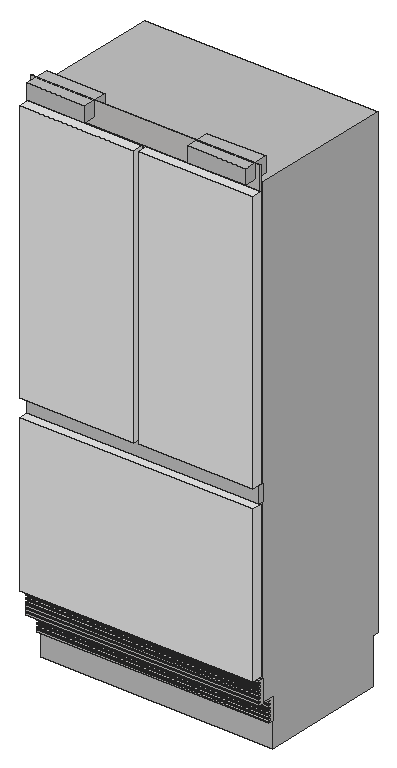
Revit family "FP_Revit_18_RS36A80J1_Fridge_90001167A", category Specialty Equipment, Revit 2018 (continued)
Definition of nested family "F&P Handle Kit - Professional Round Flush - Vertical"
  Automatic sketch dimensions
    Extrusion 1 sketch curve to plane 3 "Center (Left/Right)" = 0 mm
    Extrusion 1 sketch curve to plane 3 "Center (Left/Right)" = 12.817 mm
    Extrusion 1 sketch curve to plane 3 "Center (Left/Right)" = 18.5 mm
    plane 3 "Center (Left/Right)" to Extrusion 1 sketch curve = 12.817 mm
    plane 3 "Center (Left/Right)" to Extrusion 1 sketch curve = 18.5 mm
    plane 1 "Center (Front/Back)" to Extrusion 1 sketch curve = 45.104 mm
    Extrusion 1 sketch curve to Extrusion 1 sketch curve = 1.561 mm
    Extrusion 2 sketch curve to plane 3 "Center (Left/Right)" = 0 mm
    Extrusion 2 sketch curve to plane 3 "Center (Left/Right)" = 12.817 mm
    Extrusion 2 sketch curve to plane 3 "Center (Left/Right)" = 18.5 mm
    plane 3 "Center (Left/Right)" to Extrusion 2 sketch curve = 12.817 mm
    plane 3 "Center (Left/Right)" to Extrusion 2 sketch curve = 18.5 mm
    plane 1 "Center (Front/Back)" to Extrusion 2 sketch curve = 45.104 mm
    Extrusion 2 sketch curve to Extrusion 2 sketch curve = 1.561 mm
    Extrusion 3 sketch curve to plane 3 "Center (Left/Right)" = 0 mm
    plane 1 "Center (Front/Back)" to Extrusion 3 sketch curve = 45.116 mm
    Sweep 4 sketch curve to profile plane = 0 mm  (x2)
    profile plane to Sweep 4 sketch curve = 1.5 mm
    Sweep 4 sketch curve to profile plane = 1.5 mm
    profile plane to Sweep 5 sketch curve = 0 mm
    Sweep 5 sketch curve to profile plane = 0 mm
    profile plane to Sweep 5 sketch curve = 1.5 mm
    Sweep 5 sketch curve to profile plane = 1.5 mm
    Extrusion 6 sketch curve to plane 3 "Center (Left/Right)" = 0 mm
    Extrusion 6 sketch curve to plane 3 "Center (Left/Right)" = 12.817 mm
    Extrusion 6 sketch curve to plane 3 "Center (Left/Right)" = 18.5 mm
    plane 3 "Center (Left/Right)" to Extrusion 6 sketch curve = 12.817 mm
    plane 3 "Center (Left/Right)" to Extrusion 6 sketch curve = 18.5 mm
    plane 1 "Center (Front/Back)" to Extrusion 6 sketch curve = 46.665 mm
    Extrusion 6 sketch curve to Extrusion 6 sketch curve = 1.561 mm
    Extrusion 6 sketch curve to Extrusion 6 sketch curve = 46.665 mm
    Extrusion 7 sketch curve to plane 3 "Center (Left/Right)" = 0 mm
    Extrusion 7 sketch curve to plane 3 "Center (Left/Right)" = 12.817 mm
    Extrusion 7 sketch curve to plane 3 "Center (Left/Right)" = 18.5 mm
    plane 3 "Center (Left/Right)" to Extrusion 7 sketch curve = 12.817 mm
    plane 3 "Center (Left/Right)" to Extrusion 7 sketch curve = 18.5 mm
    plane 1 "Center (Front/Back)" to Extrusion 7 sketch curve = 46.665 mm
    Extrusion 7 sketch curve to Extrusion 7 sketch curve = 1.561 mm
    Extrusion 7 sketch curve to Extrusion 7 sketch curve = 46.665 mm
    radius of Extrusion 3 sketch curve = 12.7 mm
Definition of nested family "Comment Marker 2D"
  Types (3): name
    New
    Resolved
    Active
  Reference planes
    plane 1: y = 0
    plane 2: x = 0
  Text (mm)
    text "Edit Type: \nTo control handle kit \nand door panel visibility\n options\n\nDelete unwanted kits \nto reduce file size" at (-0.165, 35.556, 0)
Types (4, lengths in mm): name | Stainless Steel Door Panel Set | Product - Height | Model | Handle Style - Professional Round Flush (AHP3S36A) | Connector Description - Water | Connector Description - Electrical | Cavity - Height
  (no name) | no | 2028 | "RS36A80J1" | no | "1/4\" (6mm) comp. Stainless steel braided hose" | "115 V, 60 Hz, 10 A fused electrical supply" | 2032
  RS36A80J1 (without door panels) | no | 2028 | "RS36A80J1" | no | "1/4\" (6mm) comp. Stainless steel braided hose" | "115 V, 60 Hz, 10 A fused electrical supply" | 2032
  RS36A80J1 (with 84" door panel set RD3684A) | yes | 2130 | "RS36A80J1 (with 84\" door panel set RD3684A)" | yes | "" | "115 V, 60 Hz, 10 A, fused electrical supply" | 2134
  RS36A80J1 (with 80" door panel set RD3680A) | yes | 2028 | "RS36A80J1 (with 80\" door panel set RD3680A)" | yes | "1/4\" (6mm) comp. Stainless steel braided hose" | "120 V, 10 A, fused electrical supply" | 2032
